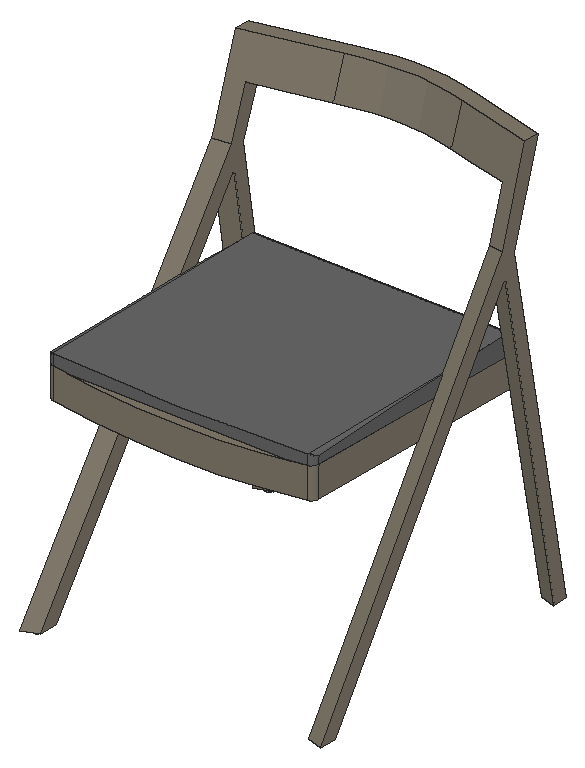
Revit family "Seating-Guest_Chair-Teknion-STNCB_Noka_Wood-R2013", category Furniture, Revit 2013
Parameters (values of type "Wood Guest Chair")
  Width = 1' - 10.46664"
  Warranty = "http://www.teknionstudio.com/pdfs/Teknion%20Studio%20Warranty.pdf"
  Unit Weight = 16.00 lbf
  URL = "www.teknionstudio.com"
  Series = "Teknion Studio"
  Seat Upholstery Finish [instance] = Fabric - Teknion - P206 - Point Emboss - Zinc
  Salvage or Reuse = yes
  Product Page URL = "http://teknionstudio.com/teknionstudio/"
  Product Line = "Noka"
  Product Documentation Link = "http://www.teknionstudio.com/pricing/STNC_ppg.pdf"
  Part Number = "STNC"
  Model = "STNCB"
  Manufacturer Phone = "919-464-2920"
  Manufacturer Fax = "919-464-2927"
  Manufacturer Email = "mailto:customersupport@teknionstudio.com"
  Manufacturer Address = "3940 US 70 Business HWY West, Clayton, NC 27520"
  Manufacturer = "Teknion Studio"  # constant formula
  Height = 2' - 7.01129"
  Frame Finish [instance] = Wood - Teknion - DX - Java Bean
  Description = "Noka Wood Guest Chair - Upholstered Seat"
  Depth = 1' - 10.36"
  Assembly Code = "E2020200"
Reference planes (in)
  plane 1 "Center F/B": y = 1.5499
  plane 2: z = 0
  plane 3 "Center L/R": x = 0
  plane 4 "Left": x = -11.23332
  plane 5 "Right": x = 11.23332
  plane 6 "Back": y = 12.7299
  plane 7 "Front": y = -9.6301
  plane 8 "Top": z = 31.01129
  plane 9 "RP1": through (0, 13.3971, 30.57339) normal (0, 0.3196, 0.9476)
  plane 10: through (0, 11.21224, 37.52878) normal (0, -0.9476, 0.3196)
  plane 11 "RP2": through (0, -9.78266, 0.25) normal (0, 0.8266, -0.5628)
  plane 12 "Seat": through (0, 8.57493, 13.58882) normal (0, 0.0443, 0.999)
  plane 13 "back leg": through (0, 8.01375, 24.74712) normal (0, -0.9853, -0.1708)
  plane 14: z = 15.50564
  plane 15: through (0, 11.21224, 37.52878) normal (0, -0.9476, 0.3196)
  plane 16 "Seat Level": z = 18.28751
  plane 17 "Leg Tap": y = -9.07246
  plane 18 "Tap": y = -9.07246
  plane 19 "Back Leg Tap": y = 11.76862
  plane 20 "Back Leg Tap2": y = 11.76862
Forms (in)
  Sweep 1, solid, material "Wood - Teknion - DX - Java Bean" <- "Frame Finish"
    path origin (0, 0, 0) x (0, 1, 0) y (0, 0, 1)
      loop
        line (-10.98509, -1.51613) -> (6.90783, 24.76488) -> (9.32927, 31.9452)
    profile origin (0, 8.11855, 28.35504) x (0, -0.947569, 0.319552) y (1, 0, 0)
      loop
        line (-1.96668, 4.25283) -> (0.26495, 11.23332) -> (-0.7989, 11.23332) -> (-3.0305, 4.25294)
        arc (-3.0305, 4.25294) -> (-3.69379, 0) -> (-3.0305, -4.25294) r 13.96637
        line (-3.0305, -4.25294) -> (-0.7989, -11.23332) -> (0.26495, -11.23332) -> (-1.96668, -4.25283)
        arc (-1.96668, -4.25283) -> (-2.62995, 0) -> (-1.96668, 4.25283) r 13.966
  Extrusion 2, void
    sketch origin (0, -11.99795, 0.5325) x (0, -0.044339, -0.999017) y (-1, 0, 0)
      loop
        arc (-14.90826, 9.625) -> (-14.44998, 0) -> (-14.90826, -9.625) r 101.30303
        line (-14.90826, -9.625) -> (-12.27459, -9.625) -> (-12.27459, 9.625) -> (-14.90826, 9.625)
      loop
        line (-17.16623, 9.625) -> (-17.52459, 9.625) -> (-17.52459, -9.625) -> (-17.16623, -9.625)
        arc (-17.16623, -9.625) -> (-16.69838, 0) -> (-17.16623, 9.625) r 99.24087
    from 0 to 26.478
  SweptBlend 3, solid, material "Fabric - Teknion - P206 - Point Emboss - Zinc" <- "Seat Upholstery Finish"
    path origin (0, 0, 0) x (0, 1, 0) y (0, 0, 1)
      loop
        line (9.95911, 13.52738) -> (-9.57714, 14.39446)
    profile origin (0, 9.95911, 13.52738) x (0, -0.044339, -0.999017) y (1, 0, 0)
      loop
        line (-4.2401, -9.625) -> (-3.21079, -9.625)
        arc (-3.21079, -9.625) -> (-2.74272, 0.00479) -> (-3.21128, 9.63455) r 99.24087
        line (-3.21128, 9.63455) -> (-4.2401, 9.63455)
        arc (-4.2401, 9.63455) -> (-4.52294, 9.51739) -> (-4.6401, 9.23455) r 0.4
        line (-4.6401, 9.23455) -> (-4.6401, -9.225)
        arc (-4.6401, -9.225) -> (-4.52294, -9.50784) -> (-4.2401, -9.625) r 0.4
    end profile origin (0, -9.57714, 14.39446) x (0, -0.044339, -0.999017) y (1, 0, 0)
      loop
        line (-3.49923, -9.625) -> (-3.21057, -9.625)
        arc (-3.21057, -9.625) -> (-2.74272, 0) -> (-3.21057, 9.625) r 99.24087
        line (-3.21057, 9.625) -> (-3.49923, 9.625)
        arc (-3.49923, 9.625) -> (-3.78208, 9.50784) -> (-3.89923, 9.225) r 0.4
        line (-3.89923, 9.225) -> (-3.89923, -9.225)
        arc (-3.89923, -9.225) -> (-3.78208, -9.50784) -> (-3.49923, -9.625) r 0.4
  Sweep 4, solid, material "Wood - Teknion - DX - Java Bean" <- "Frame Finish"
    path origin (0, 0, 0) x (1, 0, 0) y (0, 1, 0)
      loop
        line (-9.625, 1.5499) -> (9.625, 1.5499)
    profile origin (0, 1.5499, 0) x (0, 1, 0) y (0, 0, 1)
      loop
        line (9, 12.48248) -> (9, 16.65433) -> (-11.18, 17.54998) -> (-11.18, 13.37813) -> (9, 12.48248)
  Sweep 5, void
    path origin (0, 1.5499, 0) x (1, 0, 0) y (0, 0, 1)
      loop
        line (0, 19.71186) -> (0, 11.96186)
    profile origin (0, 1.5499, 15.83686) x (0, -1, 0) y (1, 0, 0)
      loop
        arc (10.61158, -9.117) -> (10.449, -9.44975) -> (10.10207, -9.57936) r 0.5
        line (10.10207, -9.57936) -> (-11.031, -9.11737) -> (-11.031, -11.23332) -> (13.156, -11.23332) -> (13.156, 11.23332) -> (-11.031, 11.23332) -> (-11.031, 9.11737) -> (10.10232, 9.57937)
        arc (10.10232, 9.57937) -> (10.44926, 9.44975) -> (10.61184, 9.11699) r 0.5
        arc (10.61184, 9.11699) -> (10.95415, -0.00001) -> (10.61158, -9.117) r 121.53715
  Extrusion 6, void
    sketch origin (0, 1.5499, 0) x (1, 0, 0) y (0, 0, 1)
      loop
        line (-10.44398, 25.66442) -> (-10.82223, 0.25) -> (-9.65787, 0.25) -> (-9.24276, 28.14047) -> (-5.67867, 27.92302)
        arc (-5.67867, 27.92302) -> (0, 27.74996) -> (5.67867, 27.92302) r 93.25195
        line (5.67867, 27.92302) -> (9.24401, 28.14054) -> (9.63246, 0.25) -> (10.83255, 0.25) -> (10.40505, 30.94486)
        arc (10.40505, 30.94486) -> (0, 30.54429) -> (-10.40505, 30.94486) r 135.33835
        line (-10.40505, 30.94486) -> (-10.44398, 25.66442)
      loop
        line (14.32321, -7.75) -> (14.32321, 35.01129) -> (-14.32321, 35.01129) -> (-14.32321, -7.75) -> (14.32321, -7.75)
    from -15.89582 to 14.2241
  Sweep 7, solid, material "Wood - Teknion - DX - Java Bean" <- "Frame Finish"
    path origin (0, 0, 0) x (0, 1, 0) y (0, 0, 1)
      loop
        line (12.36726, -6.34575) -> (6.78401, 24.32357)
    profile origin (0, 9.57564, 8.98891) x (0, -0.98383, -0.179103) y (1, 0, 0)
      loop
        line (-1.96668, 4.25274) -> (0.26498, 11.23332) -> (-0.78325, 11.23332) -> (-3.0305, 4.20398)
        arc (-3.0305, 4.20398) -> (-3.69379, -0.04896) -> (-3.0305, -4.30191) r 13.96637
        line (-3.0305, -4.30191) -> (-0.81455, -11.23332) -> (0.26492, -11.23332) -> (-1.96668, -4.25292)
        arc (-1.96668, -4.25292) -> (-2.62995, -0.00009) -> (-1.96668, 4.25274) r 13.966
  Sweep 8, void
    path origin (0, 12.7299, 0) x (-1, 0, 0) y (0, 0, 1)
      loop
        line (-11.23332, 15.50564) -> (11.23332, 15.50564)
    profile origin (0, 12.7299, 15.50564) x (0, 0, 1) y (0, 1, 0)
      loop
        line (2.99767, -1.9685) -> (-2.01387, -1.9685) -> (-1.98487, -2.62179) -> (2.26065, -3.35676)
        arc (2.26065, -3.35676) -> (2.55675, -3.52623) -> (2.67522, -3.84617) r 0.5
        line (2.67522, -3.84617) -> (2.68659, -5.59971) -> (3.15883, -5.59971) -> (2.99767, -1.9685)
  Revolve 9, solid
    sketch origin (0, -9.07246, 0) x (1, 0, 0) y (0, 0, 1)
      loop
        arc (-10.02877, 0) -> (-9.95806, 0.02929) -> (-9.92877, 0.1) r 0.1
        line (-9.92877, 0.1) -> (-9.92877, 0.25) -> (-10.24377, 0.25) -> (-10.24377, 0) -> (-10.02877, 0)
      axis (-10.24377, 0) -> (-10.24377, 0.25)
    angle from 0 to 360
  Revolve 10, solid
    sketch origin (0, -9.07246, 0) x (-1, 0, 0) y (0, 0, 1)
      loop
        arc (-10.02877, 0) -> (-9.95806, 0.02929) -> (-9.92877, 0.1) r 0.1
        line (-9.92877, 0.1) -> (-9.92877, 0.25) -> (-10.24377, 0.25) -> (-10.24377, 0) -> (-10.02877, 0)
      axis (-10.24377, 0) -> (-10.24377, 0.25)
    angle from 0 to 360
  Revolve 11, solid
    sketch origin (0, 11.76862, 0) x (1, 0, 0) y (0, 0, 1)
      loop
        arc (-10.02877, 0) -> (-9.95806, 0.02929) -> (-9.92877, 0.1) r 0.1
        line (-9.92877, 0.1) -> (-9.92877, 0.25) -> (-10.24377, 0.25) -> (-10.24377, 0) -> (-10.02877, 0)
      axis (-10.24377, 0) -> (-10.24377, 0.25)
    angle from 0 to 360
  Revolve 12, solid
    sketch origin (0, 11.76862, 0) x (-1, 0, 0) y (0, 0, 1)
      loop
        arc (-10.02877, 0) -> (-9.95806, 0.02929) -> (-9.92877, 0.1) r 0.1
        line (-9.92877, 0.1) -> (-9.92877, 0.25) -> (-10.24377, 0.25) -> (-10.24377, 0) -> (-10.02877, 0)
      axis (-10.24377, 0) -> (-10.24377, 0.25)
    angle from 0 to 360
Cuts and joins
  Sweep 5, Sweep 8 cuts SweptBlend 3
  Extrusion 6 cuts Sweep 1
  Extrusion 6 cuts Sweep 7
  joined: Sweep 1, Sweep 7
  Extrusion 2, Sweep 5, Sweep 8 cuts Sweep 4
Lines and regions (in)
  Masking region 1
    outline origin (0, 0, 18.28751) x (-1, 0, 0) y (0, -1, 0)
      loop
        line (9.71028, -10.24109) -> (10.29089, -12.54786) -> (11.23332, -12.21346) -> (11.23332, -11.30697) -> (10.45399, -7.04299) -> (10.8198, 9.83196) -> (9.24536, 9.26556)
        arc (9.24536, 9.26556) -> (0.00007, 9.6171) -> (-9.24521, 9.26557) r 121.75
        line (-9.24521, 9.26557) -> (-10.83027, 9.83579) -> (-10.48431, -7.20984) -> (-11.23332, -11.30794) -> (-11.23332, -12.21339) -> (-10.29071, -12.54786) -> (-9.71011, -10.24109) -> (-4.25293, -12.07753)
        spline (-4.25293, -12.07753) -> (-3.60534, -12.22082) -> (-2.94887, -12.34034) -> (-2.28513, -12.43578) -> (-1.61576, -12.50691) -> (-0.94241, -12.55356) -> (-0.26674, -12.57561) -> (0.40959, -12.573) -> (1.08491, -12.54575) -> (1.75755, -12.49392) -> (2.42587, -12.41764) -> (3.08821, -12.31709) -> (3.74294, -12.19252)
        line (3.74294, -12.19252) -> (9.71028, -10.24109)
  symbolic lines
    curve 1: line (-9.24006, 8.48687, 18.28751) -> (-9.63118, -9.40436, 18.28751)
    curve 2: line (-9.24006, 8.48687, 18.28751) -> (-5.35426, 9.79789, 18.28751)
    curve 5: line (5.35409, 9.79789, 18.28751) -> (9.24007, 8.48681, 18.28751)
    curve 6: line (6.52977, 9.40123, 18.28751) -> (-6.52995, 9.40123, 18.28751)
    curve 9: line (10.38156, 10.01455, 18.28751) -> (10.44976, 6.89477, 18.28751)
    curve 10: line (-10.38174, 10.01455, 18.28751) -> (-10.44994, 6.89472, 18.28751)
    curve 11: line (-9.71028, 10.24109, 18.28751) -> (-10.38174, 10.01455, 18.28751)
    curve 12: line (9.71011, 10.24109, 18.28751) -> (10.38156, 10.01455, 18.28751)
    curve 14: arc (-5.35426, 9.79789, 18.28751) -> (-0.00009, 10.67676, 18.28751) -> (5.35409, 9.79789, 18.28751) r 16.74848
    curve 15: line (9.24007, 8.48681, 18.28751) -> (9.63118, -9.40442, 18.28751)
  symbolic lines, detail levels medium+fine
    curve 3: line (-5.35426, 10.67047, 18.28751) -> (-10.40465, 8.96655, 18.28751)
    curve 4: line (5.35409, 10.67047, 18.28751) -> (10.40447, 8.96655, 18.28751)
    curve 7: line (11.23314, 12.21346, 18.28751) -> (10.42634, 7.96597, 18.28751)
    curve 8: line (-10.42652, 7.96597, 18.28751) -> (-11.23332, 12.21346, 18.28751)
    curve 13: arc (-5.35426, 10.67047, 18.28751) -> (-0.00009, 11.54935, 18.28751) -> (5.35409, 10.67047, 18.28751) r 16.74848
  symbolic lines, detail levels fine
    curve 16: spline (-4.70375, 10.0027, 18.28751) -> (-3.92026, 10.00853, 18.28751) -> (-3.13652, 10.0133, 18.28751) -> (-2.35259, 10.01701, 18.28751) -> (-1.5685, 10.01966, 18.28751) -> (-0.78432, 10.02125, 18.28751) -> (-0.00009, 10.02178, 18.28751) -> (0.78414, 10.02125, 18.28751) -> (1.56832, 10.01966, 18.28751) -> (2.35241, 10.01701, 18.28751) -> (3.13634, 10.0133, 18.28751) -> (3.92008, 10.00853, 18.28751) -> (4.70357, 10.0027, 18.28751)
    curve 17: line (-10.44994, 6.89472, 18.28751) -> (-9.29537, 7.22831, 18.28751)
    curve 18: line (9.29325, 7.22892, 18.28751) -> (10.44976, 6.89477, 18.28751)
Dimensions and locks (in)
  "Height": plane 8 "Top" to plane 2
  equal spacing: plane 4 "Left", plane 3 "Center L/R", plane 5 "Right"
  equal spacing: plane 7 "Front", plane 1 "Center F/B", plane 6 "Back"
  "Depth": plane 7 "Front" to plane 6 "Back"
  locked: Sweep 4 sketch curve to plane 5 "Right" at 1.60832
  locked: plane 4 "Left" to Sweep 4 sketch curve at 1.60832
  locked: plane 12 "Seat" to plane 2 at 13.88694
  locked: plane 9 "RP1" to plane 2 at 32.75619
  Sweep 4 sketch curve to plane 12 "Seat" to Sweep 4 sketch curve = 0' - 3.15007" locked, 0' - 1.01768" locked
  locked: Sweep 4 sketch curve to plane 1 "Center F/B" at 9
  locked: Extrusion 2 sketch curve to plane 2 at 116.35773
  locked: Extrusion 2 sketch curve to plane 2 at 116.17167
  equal spacing: plane 8 "Top", plane 14, plane 2
  Extrusion 2 sketch curve to plane 14 to Extrusion 2 sketch curve = 0' - 2.53421" locked, 0' - 2.71062" locked
  locked: plane 4 "Left" to SweptBlend 3 sketch curve at 1.60832
  locked: SweptBlend 3 sketch curve to plane 14 at 2.78421
  locked: plane 5 "Right" to SweptBlend 3 sketch curve at 1.60832
  locked: SweptBlend 3 sketch curve to plane 14 at 100.77211
  SweptBlend 3 sketch curve to plane 1 "Center F/B" to SweptBlend 3 sketch curve = 0' - 8.40921" locked, 0' - 11.12704" locked
  Sweep 5 sketch curve to plane 7 "Front" = 0' - 1.976"
  Sweep 5 sketch curve to plane 14 to Sweep 5 sketch curve = 0' - 4.20621" locked, 0' - 3.54379" locked
  locked: plane 4 "Left" to Extrusion 6 sketch curve at 3.08989
  locked: Extrusion 6 sketch curve to plane 5 "Right" at 3.08989
  locked: Extrusion 6 sketch curve to plane 8 "Top" at 134.87135
  locked: Extrusion 6 sketch curve to plane 8 "Top" at 89.99063
  plane 14 to Extrusion 6 sketch curve to Extrusion 6 sketch curve = 0' - 0.63808" locked, 0' - 1.16424" locked
  Extrusion 6 sketch curve to Extrusion 6 sketch curve to plane 14 = 0' - 1.19997" locked, 0' - 0.61319" locked
  plane 2 to Extrusion 6 sketch curve = 0' - 7 3/4"
  plane 6 "Back" to Sweep 1 sketch curve = 1' - 2.34533"
  plane 6 "Back" to Sweep 1 sketch curve = 1' - 3.35303"
  plane 6 "Back" to Sweep 1 sketch curve to Sweep 1 sketch curve = 0' - 3.68879", 0' - 0.96478" locked
  Sweep 1 sketch curve to Sweep 1 sketch curve to plane 6 "Back" = 0' - 0.96478" locked, 0' - 3.68879"
  locked: Sweep 5 sketch curve to plane 5 "Right" at 2.15384
  locked: plane 4 "Left" to Sweep 5 sketch curve at 2.15384
  "Width": plane 4 "Left" to plane 5 "Right"
  locked: plane 1 "Center F/B" to Masking region 1 sketch curve at 1.01904
  locked: plane 1 "Center F/B" to Masking region 1 sketch curve at 110.583
  locked: plane 6 "Back" to Masking region 1 sketch curve at 0.48671
  locked: plane 6 "Back" to Masking region 1 sketch curve at 0.48677
  locked: Masking region 1 sketch curve to plane 7 "Front" at 0.32998
  locked: Masking region 1 sketch curve to plane 7 "Front" at 0.32992
  locked: Masking region 1 sketch curve to plane 3 "Center L/R" at 10.57058
  locked: Masking region 1 sketch curve to plane 3 "Center L/R" at 10.597
  locked: Masking region 1 sketch curve to plane 6 "Back" at 2.83893
  locked: Masking region 1 sketch curve to plane 6 "Back" at 2.84465
  locked: plane 6 "Back" to curve 3 at 3.83078
  locked: curve 4 to plane 6 "Back" at 3.83084
  locked: curve 12 to plane 6 "Back" at 2.84515
  locked: plane 6 "Back" to curve 11 at 2.8451
  locked: curve 1 to plane 3 "Center L/R" at 9.38947
  locked: plane 3 "Center L/R" to curve 15 at 9.38947
  locked: plane 6 "Back" to curve 16 at 2.72719
  locked: plane 6 "Back" to curve 8 at 0.09637
  locked: plane 6 "Back" to curve 7 at 0.0962
  locked: plane 16 "Seat Level" to plane 14 at 2.78186
  locked: plane 2 to plane 13 "back leg" at 10.59658
  locked: plane 7 "Front" to plane 17 "Leg Tap" at 0.55764
  locked: Revolve 9 sketch curve to plane 4 "Left" at 0.98955
  locked: Revolve 9 sketch curve to plane 2 at 0.25
  locked: Extrusion 6 sketch curve to plane 2 at 0.25  (x2)
  locked: plane 7 "Front" to plane 18 "Tap" at 0.55764
  locked: plane 5 "Right" to Revolve 10 sketch curve at 0.98955
  locked: Revolve 10 sketch curve to plane 2 at 0.25
  locked: plane 6 "Back" to plane 19 "Back Leg Tap" at 0.96127
  locked: Revolve 11 sketch curve to plane 4 "Left" at 0.98955
  locked: Revolve 11 sketch curve to plane 2 at 0.25
  locked: plane 6 "Back" to plane 20 "Back Leg Tap2" at 0.96127
  locked: plane 5 "Right" to Revolve 12 sketch curve at 0.98955
  locked: Revolve 12 sketch curve to plane 2 at 0.25
  aligned and locked: level to plane 2
  aligned and locked: plane 1 "Center F/B" to Sweep 4 sketch curve
  aligned and locked: plane 7 "Front" to Sweep 4 sketch curve
  aligned and locked: Sweep 4 to Extrusion 2 sketch curve  (x2)
  aligned and locked: Extrusion 2 sketch curve to Sweep 4  (x2)
  aligned and locked: plane 3 "Center L/R" to Extrusion 2 sketch curve  (x2)
  aligned and locked: plane 3 "Center L/R" to SweptBlend 3 sketch curve
  aligned and locked: SweptBlend 3 sketch curve to plane 12 "Seat"
  aligned and locked: Sweep 5 sketch curve to plane 3 "Center L/R"
  aligned: Sweep 5 sketch curve to plane 6 "Back"  (x2)
  aligned and locked: plane 4 "Left" to Sweep 5 sketch curve
  aligned and locked: Sweep 5 sketch curve to plane 5 "Right"
  aligned and locked: Sweep 8 sketch curve to plane 14
  aligned and locked: plane 4 "Left" to Sweep 8 sketch curve
  aligned and locked: plane 5 "Right" to Sweep 8 sketch curve
  aligned and locked: Sweep 8 sketch curve to plane 12 "Seat"
  aligned and locked: plane 3 "Center L/R" to Extrusion 6 sketch curve  (x2)
  aligned and locked: plane 4 "Left" to Sweep 1 sketch curve
  aligned and locked: Sweep 1 sketch curve to plane 5 "Right"
  aligned and locked: plane 3 "Center L/R" to Sweep 1 sketch curve  (x2)
  aligned and locked: Sweep 1 sketch curve to plane 11 "RP2"
  aligned and locked: Masking region 1 sketch curve to plane 4 "Left"
  aligned and locked: Masking region 1 sketch curve to plane 5 "Right"
  aligned and locked: Masking region 1 sketch curve to cut or joined group of Sweep 1, Extrusion 6, Sweep 7
  aligned and locked: cut or joined group of Sweep 1, Extrusion 6, Sweep 7 to Masking region 1 sketch curve
  aligned and locked: plane 3 "Center L/R" to Masking region 1 sketch curve  (x2)
  aligned and locked: cut or joined group of Sweep 1, Extrusion 6, Sweep 7 to curve 17
  aligned and locked: curve 18 to cut or joined group of Sweep 1, Extrusion 6, Sweep 7
  aligned and locked: Revolve 9 sketch curve to plane 2
  aligned and locked: plane 2 to Revolve 10 sketch curve
  aligned and locked: Revolve 11 sketch curve to plane 2
  aligned and locked: plane 2 to Revolve 12 sketch curve
Automatic sketch dimensions
  profile plane to Sweep 1 sketch curve = 0' - 3.0305"  (x2)
  Sweep 1 sketch curve to Sweep 1 sketch curve = 0' - 1.06382"  (x2)
  profile plane to Sweep 1 sketch curve = 0' - 0.7989"  (x2)
  Sweep 1 sketch curve to profile plane = 0' - 0.26495"  (x2)
  Sweep 1 sketch curve to profile plane = 0' - 10.27259"
  Sweep 1 sketch curve to Sweep 1 sketch curve = 0' - 1.06346"
  Sweep 1 sketch curve to plane 3 "Center L/R" = 0' - 4.25283"
  Sweep 1 sketch curve to Sweep 1 sketch curve = 0' - 0.00011"
  Extrusion 2 sketch curve to Extrusion 2 sketch curve = 0' - 0.18625"
  Extrusion 2 sketch curve to Extrusion 2 sketch curve = 0' - 0.35836"
  plane 12 "Seat" to Extrusion 2 sketch curve = 0' - 0.9526"
  Extrusion 2 sketch curve to plane 12 "Seat" = 0' - 1.68107"
  Extrusion 2 sketch curve to Extrusion 2 sketch curve = 0' - 2.25797"
  Extrusion 2 sketch curve to Extrusion 2 sketch curve = 8' - 2.22841"
  plane 3 "Center L/R" to SweptBlend 3 sketch curve = 0' - 0"
  profile plane to SweptBlend 3 sketch curve = 8' - 5.98359"  (x2)
  profile plane to SweptBlend 3 sketch curve = 0' - 3.89923"
  SweptBlend 3 sketch curve to SweptBlend 3 sketch curve = 0' - 0.4"  (x4)
  SweptBlend 3 sketch curve to SweptBlend 3 sketch curve = 0' - 0.28867"  (x2)
  Revolve 9 sketch curve to level = 0' - 0"
  plane 4 "Left" to Revolve 9 sketch curve = 0' - 0.98955"  (x2)
  plane 4 "Left" to Revolve 9 sketch curve = 0' - 1.20455"
  Revolve 9 sketch curve to Revolve 9 sketch curve = 0' - 0.1"
  Revolve 9 sketch curve to level = 0' - 0.22134"
  Revolve 9 sketch curve to Revolve 9 sketch curve = 0' - 0.15"
  Revolve 9 sketch curve to Revolve 9 sketch curve = 0' - 0.20934"
  Revolve 10 sketch curve to level = 0' - 0"
  level to Revolve 10 sketch curve = 0' - 0.22134"
  plane 5 "Right" to Revolve 10 sketch curve = 0' - 0.98955"
  Revolve 10 sketch curve to Revolve 10 sketch curve = 0' - 0"
  Revolve 10 sketch curve to Revolve 10 sketch curve = 0' - 0.215"
  Revolve 10 sketch curve to Revolve 10 sketch curve = 0' - 0.1"
  Revolve 10 sketch curve to Revolve 10 sketch curve = 0' - 0.15"
  Revolve 10 sketch curve to Revolve 10 sketch curve = 0' - 0.20934"
  Revolve 11 sketch curve to level = 0' - 0"
  level to Revolve 11 sketch curve = 0' - 0.22134"
  Revolve 11 sketch curve to plane 4 "Left" = 0' - 0.98955"
  Revolve 11 sketch curve to Revolve 11 sketch curve = 0' - 0"
  Revolve 11 sketch curve to Revolve 11 sketch curve = 0' - 0.215"
  Revolve 11 sketch curve to Revolve 11 sketch curve = 0' - 0.1"
  Revolve 11 sketch curve to Revolve 11 sketch curve = 0' - 0.15"
  Revolve 11 sketch curve to Revolve 11 sketch curve = 0' - 0.20934"
  Sweep 1 sketch curve to plane 9 "RP1" = 0' - 0"
  plane 7 "Front" to Sweep 1 sketch curve = 0' - 1.35499"
  Sweep 1 sketch curve to plane 1 "Center F/B" = 0' - 5.35793"
  plane 8 "Top" to Sweep 1 sketch curve = 0' - 0.93391"
  plane 3 "Center L/R" to SweptBlend 3 sketch curve = 0' - 0.00226"
  profile plane to SweptBlend 3 sketch curve = 0' - 4.6401"
  SweptBlend 3 sketch curve to SweptBlend 3 sketch curve = 0' - 1.02882"
  SweptBlend 3 sketch curve to SweptBlend 3 sketch curve = 0' - 1.02931"
  SweptBlend 3 sketch curve to plane 3 "Center L/R" = 0' - 9.225"
  Sweep 4 sketch curve to Sweep 4 sketch curve = 0' - 4.17185"
  Sweep 5 sketch curve to Sweep 5 sketch curve = 0' - 2.54416"
  Sweep 5 sketch curve to Sweep 5 sketch curve = 0' - 0"  (x2)
  Sweep 5 sketch curve to Sweep 5 sketch curve = 0' - 2.54442"
  Sweep 5 sketch curve to Sweep 5 sketch curve = 0' - 0.49859"  (x2)
  Sweep 5 sketch curve to profile plane = 0' - 9.57937"
  Sweep 5 sketch curve to Sweep 5 sketch curve = 0' - 0.01093"
  profile plane to Sweep 5 sketch curve = 0' - 9.57936"
  Sweep 5 sketch curve to plane 1 "Center F/B" = 0' - 11.031"  (x2)
  Sweep 5 sketch curve to Sweep 5 sketch curve = 0' - 2.11595"  (x2)
  plane 4 "Left" to Extrusion 6 sketch curve = 0' - 0.41109"
  plane 4 "Left" to Extrusion 6 sketch curve = 0' - 0.78935"
  Extrusion 6 sketch curve to plane 8 "Top" = 0' - 0.06643"
  plane 4 "Left" to Extrusion 6 sketch curve = 0' - 0.82827"
  plane 4 "Left" to Extrusion 6 sketch curve = 0' - 1.99056"
  Extrusion 6 sketch curve to Extrusion 6 sketch curve = 0' - 3.56409"
  Extrusion 6 sketch curve to plane 5 "Right" = 0' - 5.55465"
  Extrusion 6 sketch curve to plane 5 "Right" = 0' - 1.98931"
  Extrusion 6 sketch curve to Extrusion 6 sketch curve = 0' - 4.69075"
  Extrusion 6 sketch curve to plane 8 "Top" = 0' - 3.08826"
  plane 8 "Top" to Extrusion 6 sketch curve = 0' - 4"
  Sweep 7 sketch curve to plane 1 "Center F/B" = 0' - 5.23411"
  Sweep 7 sketch curve to plane 6 "Back" = 0' - 0.36263"
  Sweep 7 sketch curve to level = 0' - 6.34575"
  plane 16 "Seat Level" to Sweep 7 sketch curve = 0' - 6.03606"
  profile plane to Sweep 7 sketch curve = 0' - 3.0305"  (x2)
  Sweep 7 sketch curve to Sweep 7 sketch curve = 0' - 1.06382"  (x2)
  profile plane to Sweep 7 sketch curve = 0' - 0.81455"
  profile plane to Sweep 7 sketch curve = 0' - 0.78325"
  Sweep 7 sketch curve to profile plane = 0' - 0.26492"
  Sweep 7 sketch curve to profile plane = 0' - 0.26498"
  Sweep 7 sketch curve to plane 3 "Center L/R" = 0' - 0.04896"
  Sweep 7 sketch curve to profile plane = 0' - 10.27259"
  Sweep 7 sketch curve to plane 3 "Center L/R" = 0' - 0.00009"
  Sweep 7 sketch curve to Sweep 7 sketch curve = 0' - 1.06346"
  Sweep 7 sketch curve to plane 3 "Center L/R" = 0' - 4.25292"
  Sweep 7 sketch curve to Sweep 7 sketch curve = 0' - 0.04899"
  Sweep 7 sketch curve to Sweep 7 sketch curve = 0' - 6.98041"
  Sweep 7 sketch curve to Sweep 7 sketch curve = 0' - 6.98058"
  Sweep 8 sketch curve to plane 6 "Back" = 0' - 1.9685"
  Sweep 8 sketch curve to Sweep 8 sketch curve = 0' - 0.02899"
  Sweep 8 sketch curve to profile plane = 0' - 2.17523"
  Sweep 8 sketch curve to Sweep 8 sketch curve = 0' - 0.08542"
  Sweep 8 sketch curve to Sweep 8 sketch curve = 0' - 0 1/2"
  Sweep 8 sketch curve to Sweep 8 sketch curve = 0' - 0.01137"
  Sweep 8 sketch curve to Sweep 8 sketch curve = 0' - 0.73702"
  Sweep 8 sketch curve to Sweep 8 sketch curve = 0' - 0.47224"
  Sweep 8 sketch curve to Sweep 8 sketch curve = 0' - 1.38826"
  Sweep 8 sketch curve to Sweep 8 sketch curve = 0' - 0.48941"
  Sweep 8 sketch curve to Sweep 8 sketch curve = 0' - 1.75354"
  plane 7 "Front" to Masking region 1 sketch curve = 0' - 0.20569"
  Masking region 1 sketch curve to plane 5 "Right" = 0' - 0.74901"
  Masking region 1 sketch curve to plane 6 "Back" = 0' - 0.18204"  (x2)
  Masking region 1 sketch curve to plane 5 "Right" = 0' - 0.94261"
  Masking region 1 sketch curve to plane 5 "Right" = 0' - 1.52322"
  Masking region 1 sketch curve to plane 7 "Front" = 0' - 0.36453"
  Masking region 1 sketch curve to plane 6 "Back" = 0' - 0.65237"
  plane 3 "Center L/R" to Masking region 1 sketch curve = 0' - 4.25293"
  Masking region 1 sketch curve to plane 6 "Back" = 0' - 0.53738"
  Masking region 1 sketch curve to plane 3 "Center L/R" = 0' - 3.74294"
  Masking region 1 sketch curve to plane 7 "Front" = 0' - 0.36454"
  plane 4 "Left" to Masking region 1 sketch curve = 0' - 1.52304"
  plane 4 "Left" to Masking region 1 sketch curve = 0' - 0.94243"
  plane 4 "Left" to Masking region 1 sketch curve = 0' - 0.77933"
  Masking region 1 sketch curve to Masking region 1 sketch curve = 0' - 0.90546"
  Masking region 1 sketch curve to Masking region 1 sketch curve = 0' - 0.90649"
  curve 16 to plane 3 "Center L/R" = 0' - 0"
  curve 8 to plane 4 "Left" = 0' - 0"
  plane 3 "Center L/R" to curve 16 = 0' - 4.70357"
  curve 14 to curve 16 = 0' - 0.65051"
  curve 4 to plane 6 "Back" = 0' - 2.05942"
  curve 4 to curve 14 = 0' - 0"
  curve 6 to curve 5 = 0' - 1.17568"
  curve 5 to plane 5 "Right" = 0' - 1.99326"
  curve 18 to curve 5 = 0' - 0.05319"
  curve 15 to plane 7 "Front" = 0' - 0.22568"
  plane 3 "Center L/R" to curve 15 = 0' - 9.63118"
  curve 12 to plane 5 "Right" = 0' - 1.52322"
  curve 9 to curve 12 = 0' - 0.67145"
  curve 4 to plane 5 "Right" = 0' - 0.82885"
  curve 7 to plane 5 "Right" = 0' - 0.80698"
  curve 9 to plane 1 "Center F/B" = 0' - 5.34487"
  curve 7 to plane 5 "Right" = 0' - 0.00018"
  curve 16 to plane 7 "Front" = 0' - 2.7705"
  plane 5 "Right" to curve 16 = 7' - 3.73148"
  curve 14 to plane 3 "Center L/R" = 0' - 0.00009"
  curve 13 to plane 3 "Center L/R" = 0' - 0.00009"
  curve 16 to curve 14 = 0' - 0.65051"
  curve 13 to curve 2 = 0' - 0"
  curve 2 to curve 6 = 0' - 1.17568"
  plane 4 "Left" to curve 2 = 0' - 1.99326"
  curve 1 to curve 17 = 0' - 0.05531"
  curve 1 to plane 7 "Front" = 0' - 0.22574"
  plane 4 "Left" to curve 11 = 0' - 1.52304"
  curve 11 to curve 10 = 0' - 0.67145"
  plane 4 "Left" to curve 3 = 0' - 0.82868"
  plane 4 "Left" to curve 8 = 0' - 0.8068"
  curve 10 to plane 1 "Center F/B" = 0' - 5.34482"
  curve 16 to curve 14 = 0' - 0.20482"
  curve 13 to curve 14 = 0' - 0.87259"
  Revolve 12 sketch curve to level = 0' - 0"
  Revolve 12 sketch curve to level = 0' - 0.22134"
  Revolve 12 sketch curve to plane 5 "Right" = 0' - 0.98955"
  Revolve 12 sketch curve to Revolve 12 sketch curve = 0' - 0"
  Revolve 12 sketch curve to Revolve 12 sketch curve = 0' - 0.215"
  Revolve 12 sketch curve to Revolve 12 sketch curve = 0' - 0.1"
  Revolve 12 sketch curve to Revolve 12 sketch curve = 0' - 0.15"
  Revolve 12 sketch curve to Revolve 12 sketch curve = 0' - 0.20934"
